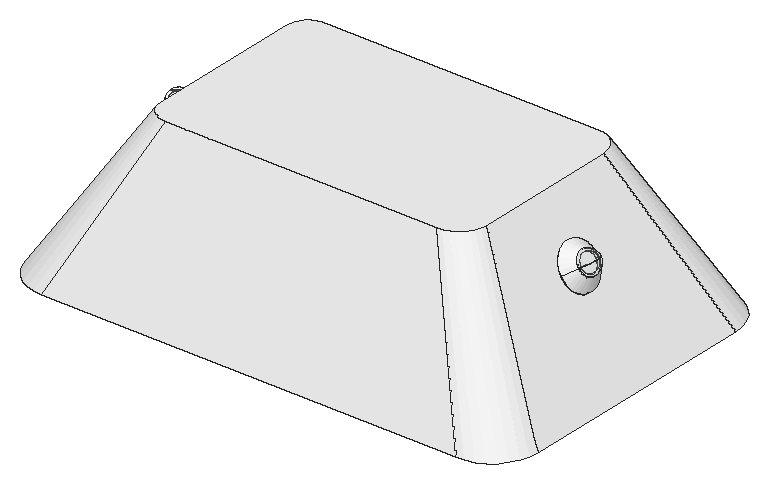
Revit family "EVHC-Series", category Lighting Fixtures, host Face, Revit 2012
Parameters (values of type "EVHC - White")
  Wattage Comments = "3-12W"  # constant formula
  Voltage = 120 V
  URL = "http://www.dual-lite.com"
  Total Input Wattage = "6 W"  # constant formula
  Product Page URL = "http://www.dual-lite.com/products/evhc"
  Product Documentation Link = "http://cdn.dual-lite.com/content/products/specs/specs_files/dlt_0603621_evhc_specsht_lr.pdf"
  Photpmetric Web [instance] = Web - EVHC : EVHC06
  Model = "EVHC"  # constant formula
  Manufacturer Phone = "(864)-678-1000"  # constant formula
  Manufacturer Fax = "(866)-898-0131"  # constant formula
  Manufacturer = "Dual Lighting"  # constant formula
  Load Classification = Lighting
  Lens = Hubbell - Glass
  Lamp = "LED"  # constant formula
  Finish = Hubbell - Paint - White
  Description = "High Lumen LED Emergency Light"  # constant formula
  Default Elevation = 48.00"
  Apparent Load = 6 VA  # constant formula
Types (2): name | Photpmetric Web | Finish
  EVHC - Black | Web - EVHC : EVHC03 | Hubbell - Paint - Black
  EVHC - White | Web - EVHC : EVHC06 | Hubbell - Paint - White
Reference planes (in)
  plane 1 "Center (Front/Back)": y = 0
  plane 2: z = 0
  plane 3 "Center (Left/Right)": x = 0
  plane 4: z = 3.25
  plane 5: x = -5.5
  plane 6: x = 5.5
  plane 7: z = 1.49318
  plane 8: y = 3.6875
  plane 9: y = -3.6875
  plane 10: through (-4.46035, -180, 2.16643) normal (0.5241, 0, 0.8517)
  plane 11: through (4.46035, -180, 2.16643) normal (0.5241, 0, -0.8517)
Forms (in)
  Blend 1, solid, material "Hubbell - Paint - White" <- "Finish"
    base sketch origin (-12.63562, -0.24181, 0) x (1, 0, 0) y (0, 1, 0)
      loop
        arc (8.13562, 3.92931) -> (7.42852, 3.63642) -> (7.13562, 2.92931) r 1
        line (7.13562, 2.92931) -> (7.13562, -2.44569)
        arc (7.13562, -2.44569) -> (7.42852, -3.1528) -> (8.13562, -3.44569) r 1
        line (8.13562, -3.44569) -> (17.13562, -3.44569)
        arc (17.13562, -3.44569) -> (17.84273, -3.1528) -> (18.13562, -2.44569) r 1
        line (18.13562, -2.44569) -> (18.13562, 2.92931)
        arc (18.13562, 2.92931) -> (17.84273, 3.63642) -> (17.13562, 3.92931) r 1
        line (17.13562, 3.92931) -> (8.13562, 3.92931)
    top sketch origin (-12.63562, -0.24181, 0) x (1, 0, 0) y (0, 1, 0)
      loop
        arc (9.63562, 2.42931) -> (9.28207, 2.28287) -> (9.13562, 1.92931) r 0.5
        line (9.13562, 1.92931) -> (9.13562, -1.44569)
        arc (9.13562, -1.44569) -> (9.28207, -1.79924) -> (9.63562, -1.94569) r 0.5
        line (9.63562, -1.94569) -> (15.53562, -1.94569)
        arc (15.53562, -1.94569) -> (15.95989, -1.76995) -> (16.13562, -1.34569) r 0.6
        line (16.13562, -1.34569) -> (16.13562, 1.82931)
        arc (16.13562, 1.82931) -> (15.95989, 2.25358) -> (15.53562, 2.42931) r 0.6
        line (15.53562, 2.42931) -> (9.63562, 2.42931)
    from 0 to 3.25
Dimensions and locks (in)
  plane 4 to plane 2 = 3.25"  (x2)
  equal spacing: plane 6, plane 3 "Center (Left/Right)", plane 5
  plane 6 to plane 5 = 11.00"
  plane 4 to level = 3.25"
  plane 8 to plane 9 = 7.375"
  locked: plane 3 "Center (Left/Right)" to plane 5 at 5.5
  equal spacing: Blend 1 sketch curve, plane 3 "Center (Left/Right)", Blend 1 sketch curve
  Blend 1 sketch curve to Blend 1 sketch curve = 7.00"
  equal spacing: plane 8, plane 1 "Center (Front/Back)", plane 9
  locked: plane 1 "Center (Front/Back)" to plane 8 at 3.6875
  Blend 1 sketch curve to Blend 1 sketch curve = 4.375"
  locked: plane 10 to plane 7 (angle 31.6075°)
  locked: plane 7 to plane 11 (angle 31.6075°)
  aligned and locked: plane 2 to host face
  aligned and locked: level to host face
  aligned and locked: plane 4 to Blend 1
  aligned and locked: plane 1 "Center (Front/Back)" to nested 1
  aligned and locked: plane 10 to nested 1
  aligned and locked: plane 11 to nested 2
Automatic sketch dimensions
  host sketch curve to host sketch curve = 96.00"  (x2)
  Blend 1 sketch curve to plane 5 = 0.00"
  Blend 1 sketch curve to plane 9 = 0.00"
  Blend 1 sketch curve to plane 8 = 0.00"
  Blend 1 sketch curve to plane 6 = 0.00"
  plane 5 to Blend 1 sketch curve = 1.00"  (x2)
  Blend 1 sketch curve to plane 6 = 1.00"
  Blend 1 sketch curve to Blend 1 sketch curve = 1.00"
  Blend 1 sketch curve to Blend 1 sketch curve = 0.50"  (x2)
  Blend 1 sketch curve to Blend 1 sketch curve = 0.60"  (x2)
  plane 9 to Blend 1 sketch curve = 1.50"
Nested families (in)
  nested 1: "Web - EVHC" at (-2.4131, 0, 5.01621) x (0, -1, 0) z (-0.8517, 0, 0.5241), Lens <- "Lens", Finish <- "Finish", type <- "Photpmetric Web", type "EVHC06"
    with Lens Hubbell - Glass, Finish Hubbell - Paint - White
  nested 2: "Web - EVHC" at (2.4131, -0.01492, 5.01621) x (0, 1, 0) z (0.8517, 0, 0.5241), Lens <- "Lens", Finish <- "Finish", type <- "Photpmetric Web", type "EVHC06"
    with Lens Hubbell - Glass, Finish Hubbell - Paint - White
Connectors (in)
  electrical at (0, 0, 0), driven by "Voltage", driven by "Load Classification", driven by "Apparent Load"
    settings: index 1, voltage 120 V, apparent load 6 VA, apparent load phase1 0 VA, apparent load phase2 0 VA, apparent load phase3 0 VA, power factor 1, load classification "Lighting", number of poles 1, system type 30, power factor state 1, is connector primary yes, connector utility no, sub classification motor no, connector description "Lighting Connector"
Definition of nested family "Web - EVHC"
  Parameters (values of type "EVHC06")
    Wattage = 6 W
    built-in parameter 1150110 = 1 (stored number, unit not read)
    Voltage = 120 V
    URL = "http://www.dual-lite.com"
    built-in parameter 1114217 = 1 (stored number, unit not read)
    Total Input Wattage = "2-16 W"
    Tilt Angle = -90.00°
    built-in parameter 1150109 = 1 (stored number, unit not read)
    built-in parameter 1150134 = 2
    built-in parameter 1150113 = 1 (stored number, unit not read)
    Product Page URL = "http://www.dual-lite.com/products/pg"
    Product Documentation Link = "http://www.dual-lite.com/content/products/specs/specs_files/dlt_pg_specsht.pdf"
    Photometric Web File = "evhc06.ies"
    Model = "EV"  # constant formula
    Manufacturer Phone = "(864)-678-1000"  # constant formula
    Manufacturer Fax = "(866)-898-0131"  # constant formula
    Manufacturer = "Dual Lighting"  # constant formula
    built-in parameter 1150105 = 43.449 (stored number, unit not read)
    Lumens = 546 lm
    built-in parameter 1150115 = 1 (stored number, unit not read)
    built-in parameter 1150137 = (empty or 0)
    built-in parameter 1150139 = (empty or 0)
    Lens [instance] = none
    built-in parameter 1150112 = 1 (stored number, unit not read)
    built-in parameter 1150114 = 1 (stored number, unit not read)
    built-in parameter 1150132 = 1
    built-in parameter 1150102 = (empty or 0)
    built-in parameter 1150107 = 5000 (stored number, unit not read)
    built-in parameter 1150138 = (empty or 0)
    built-in parameter 1150106 = 0.43449 (stored number, unit not read)
    Finish [instance] = none
    built-in parameter 1150104 = 8.4542 (stored number, unit not read)
    Dimming Lamp Color Temperature Shift = (empty or 0)
    Description = "Emergency Light, Wet Location, LED, Die-Cast Aluminum"  # constant formula
    Default Elevation = 48.00"
    Color Filter = 16777215
    built-in parameter 1114218 = 1 (stored number, unit not read)
    built-in parameter 1150133 = 10 (stored number, unit not read)
    Apparent Load = 6 VA
  Types (2): name | Wattage | Photometric Web File | built-in parameter 1150105 | Lumens | built-in parameter 1150106 | built-in parameter 1150104 | Apparent Load
    EVHC06 | 6 W | "evhc06.ies" | 43.449 (stored number, unit not read) | 546 lm | 0.43449 (stored number, unit not read) | 8.4542 (stored number, unit not read) | 6 VA
    EVHC03 | 3 W | "evhc03.ies" | 25.941 (stored number, unit not read) | 325.98 lm | 0.25941 (stored number, unit not read) | 10.095 (stored number, unit not read) | 3 VA
  Reference planes (in)
    plane 1 "Center (Front/Back)": y = 0
    plane 2: z = 0
    plane 3 "Center (Left/Right)": x = 0
    plane 4: y = 3.5
    plane 5: y = -3.5
    plane 6: x = -0.5
    plane 7: x = 0.5
    plane 8: y = -1.9
    plane 9: z = -0.25
    plane 10: z = 0.5
    plane 11: z = 0.25
  Forms (in)
    Extrusion 1, solid
      sketch origin (0, 0, 0) x (1, 0, 0) y (0, 1, 0)
        loop
          line (-48, 48) -> (-48, -48) -> (48, -48) -> (48, 48) -> (-48, 48)
      from 0 to -12
    Revolve 2, solid, material <- "Finish"
      sketch origin (0, -3.5, 25.58567) x (0, 0, 1) y (-1, 0, 0)
        loop
          line (-25.83567, 0) -> (-25.83567, -0.5) -> (-25.58567, -0.5) -> (-25.33567, -0.26685) -> (-25.33567, -0.21168) -> (-25.59676, -0.45) -> (-25.78567, -0.45) -> (-25.78567, 0) -> (-25.83567, 0)
        axis (-25.33567, 0) -> (-25.83567, 0)
      angle from 0 to 360
    Revolve 3, solid, material <- "Lens"
      sketch origin (0, -3.5, 25.58567) x (0, 0, 1) y (-1, 0, 0)
        loop
          arc (-25.08567, 0) -> (-25.1589, 0.17678) -> (-25.33567, 0.25) r 0.25
          line (-25.33567, 0.25) -> (-25.33567, 0.2)
          arc (-25.33567, 0.2) -> (-25.19425, 0.14142) -> (-25.13567, 0) r 0.2
          line (-25.13567, 0) -> (-25.08567, 0)
        axis (-25.08567, 0) -> (-25.33567, 0)
      angle from 0 to 360
  Dimensions and locks (in)
    equal spacing: plane 4, plane 1 "Center (Front/Back)", plane 5
    locked: plane 4 to plane 5 at 7
    locked: plane 8 to plane 5 at 1.6
    plane 9 to plane 2 = 0.25"
    locked: plane 7 to plane 6 at 1
    plane 7 to imposter light to plane 6 = 0.50414", 0.49586"
    aligned and locked: plane 2 to Extrusion 1
    aligned and locked: level to Extrusion 1
    aligned and locked: Revolve 2 sketch curve to plane 3 "Center (Left/Right)"
    aligned and locked: Revolve 2 sketch curve to plane 9
    aligned and locked: plane 7 to Revolve 2 sketch curve
    aligned and locked: Revolve 3 sketch curve to plane 3 "Center (Left/Right)"  (x2)
    aligned and locked: Revolve 2 to Revolve 3 sketch curve
    aligned and locked: plane 3 "Center (Left/Right)" to Revolve 3 sketch curve
  Automatic sketch dimensions
    Extrusion 1 sketch curve to Extrusion 1 sketch curve = 96.00"  (x2)
    Revolve 2 sketch curve to plane 3 "Center (Left/Right)" = 0.00"
    Revolve 2 sketch curve to plane 11 = 0.00"
    Revolve 2 sketch curve to Revolve 2 sketch curve = 0.14592"
    Revolve 2 sketch curve to plane 9 = 0.05"
    plane 7 to Revolve 2 sketch curve = 0.05"
    Revolve 2 sketch curve to Revolve 2 sketch curve = 0.18892"
    Revolve 2 sketch curve to Revolve 2 sketch curve = 0.01108"
    Revolve 2 sketch curve to plane 10 = 0.27089"
    plane 7 to Revolve 2 sketch curve = 0.23315"
    Revolve 2 sketch curve to Revolve 2 sketch curve = 0.05517"
    Revolve 3 sketch curve to plane 10 = 0.00"
    Revolve 3 sketch curve to Revolve 3 sketch curve = 0.11385"
    Revolve 3 sketch curve to Revolve 3 sketch curve = 0.05"
    Revolve 3 sketch curve to plane 10 = 0.57522"
